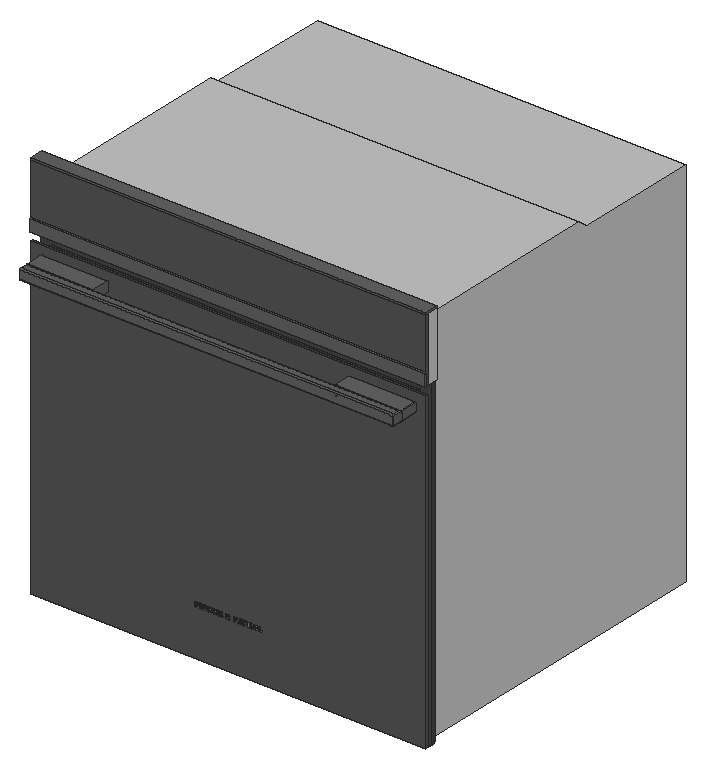
Revit family "FP_Revit_18_OB60SDPTB1_Oven_90000943A", category Specialty Equipment, Revit 2018
Family settings
  Round Connector Dimension = Use Diameter
  Part Type = Normal
  OmniClass Number = 23.40.40.14.17.11
  OmniClass Title = Cookers, Ovens, Stoves
  Work Plane-Based = No
  Always vertical = Yes
  Cut with Voids When Loaded = Yes
  Shared = No
  Room Calculation Point = No
Parameters
  Visibility - Clearance Required = yes
  URL = "www.fisherpaykel.com"
  Product - Width = 596 mm  # constant formula
  Product - Height = 598 mm  # constant formula
  Product - Depth = 565 mm  # constant formula
  Model = "OB60SDPTB1"
  Material - Trim = Fisher & Paykel - Aluminium, Dark
  Material - Structure = Fisher & Paykel - Black
  Material - Handle = Fisher & Paykel - Aluminium, Dark
  Material - Glass = Fisher & Paykel - Glass, Black
  Material - Buttons and Dials = Fisher & Paykel - Black
  Material - Body = Fisher & Paykel - Grey
  Manufacturer = "Fisher & Paykel Appliances"
  FFL Offset [instance] = 200 mm
  Description = "60cm Built-In Oven"
  Connector Note - Electrical = "230 V, 18.5 A"
  Chassis - Width = 556 mm  # constant formula
  Chassis - Height = 575 mm  # constant formula
  Chassis - Depth = 545 mm  # constant formula
  Cavity - Width = 600 mm  # constant formula
  Cavity - Height = 600 mm  # constant formula
  Cavity - Depth = 550 mm  # constant formula
Reference planes
  plane 1 "Datum": y = 0
  plane 2: z = 0
  plane 3 "Center (Left/Right)": x = 0
  plane 4 "Cavity": z = 780
  plane 5 "Product Height": z = 798
  plane 6 "Product LHS": x = -298
  plane 7 "Product RHS": x = 298
  plane 8 "Cavity LHS": x = -300
  plane 9 "Cavity RHS": x = 300
  plane 10 "Cavity - Depth": y = 550
  plane 11 "Product Depth": y = 545
  plane 12 "Front Face": y = -20
  plane 13 "Dial": x = 154.861
  plane 14 "FFL Offset": z = 200
  plane 15 "Cavity Height": z = 800
Forms (mm)
  Extrusion 1, solid, material "Fisher & Paykel - Grey" <- "Material - Body"
    sketch origin (0, 0, 0) x (0, 1, 0) y (0, 0, 1)
      loop
        line (0, 200) -> (525, 200) -> (525, 393.99) -> (545, 413.99) -> (545, 609.73) -> (495, 659.73) -> (495, 764.6) -> (307.721, 764.6) -> (293.958, 775) -> (0, 775) -> (0, 200)
    from -278 to 278
  Extrusion 2, void
    sketch origin (0, 0, 0) x (1, 0, 0) y (0, 1, 0)
      loop
        line (-278, 495) -> (-229.13, 495) -> (-179.13, 545) -> (-278, 545) -> (-278, 495)
      loop
        line (278, 495) -> (278, 545) -> (94.617, 545) -> (114.617, 525) -> (199.13, 525) -> (229.13, 495) -> (278, 495)
    from 200 to 764.6
  Extrusion 3, solid, material "Fisher & Paykel - Aluminium, Dark" <- "Material - Trim"
    sketch origin (0, 0, 0) x (0, 1, 0) y (0, 0, 1)
      loop
        line (0, 798) -> (-20.5, 798) -> (-20.5, 795.1) -> (0, 795.1) -> (0, 798)
    from -298 to 298
  Extrusion 4, solid, material "Fisher & Paykel - Grey" <- "Material - Body"
    sketch origin (0, 0, 0) x (0, 1, 0) y (0, 0, 1)
      loop
        line (-16, 795.1) -> (-16, 698) -> (0, 698) -> (0, 795.1) -> (-16, 795.1)
    from -298 to 298
  Extrusion 5, solid, material "Fisher & Paykel - Glass, Black" <- "Material - Glass"
    sketch origin (0, 0, 0) x (1, 0, 0) y (0, 0, 1)
      loop
        line (-298, 685.2) -> (-298, 208.6) -> (298, 208.6) -> (298, 685.2) -> (-298, 685.2)
      loop
        line (-298, 698) -> (298, 698) -> (298, 794.5) -> (-298, 794.5) -> (-298, 698)
    from 16 to 20
  Extrusion 6, solid, material "Fisher & Paykel - Black" <- "Material - Structure"
    sketch origin (0, 0, 0) x (0, 1, 0) y (0, 0, 1)
      loop
        line (-13.8, 683.7) -> (-16, 683.7) -> (-16, 224.7) -> (-5, 224.7) -> (-5, 680.497) -> (-13.8, 683.7)
    from -277 to 277
  Extrusion 7, solid, material "Fisher & Paykel - Black" <- "Material - Structure"
    sketch origin (0, 0, 0) x (1, 0, 0) y (0, 0, 1)
      loop
        line (-295, 698) -> (-295, 209.536)
        arc (-295, 209.536) -> (-292.207, 202.793) -> (-285.464, 200) r 9.536
        line (-285.464, 200) -> (285.5, 200)
        arc (285.5, 200) -> (292.218, 202.782) -> (295, 209.5) r 9.5
        line (295, 209.5) -> (295, 698) -> (-295, 698)
    from 0 to 5
  Sweep 8, solid, material "Fisher & Paykel - Black"
    path origin (-195.035, 0, 0) x (0, 1, 0) y (0, 0, 1)
      loop
        line (478.272, 708.8) -> (498.6, 708.8)
        arc (498.6, 708.8) -> (507.085, 705.285) -> (510.6, 696.8) r 12
        line (510.6, 696.8) -> (510.6, 678.8)
    profile origin (-195.035, 488.436, 708.8) x (0, 0, 1) y (1, 0, 0)
      loop
        line (0, 11) -> (-11, 11) -> (-11, -11) -> (0, -11)
        arc (0, -11) -> (11, 0) -> (0, 11) r 11
  Extrusion 9, solid, material "Fisher & Paykel - Clearance Required", visible <- "Visibility - Clearance Required", detail levels coarse
    sketch origin (0, 0, 0) x (0, 1, 0) y (0, 0, 1)
      loop
        line (-21.6, 227.528) -> (-21.6, 200) -> (0, 200) -> (0, 800) -> (-21.6, 800) -> (-21.6, 685.18)
        arc (-21.6, 685.18) -> (-333.147, 559.899) -> (-479.9, 257.872) r 466.605
        line (-479.9, 257.872) -> (-465.169, 256.897) -> (-467.944, 214.989) -> (-455.498, 214.164) -> (-452.723, 256.073) -> (-21.6, 227.528)
    from -300 to 300
  Extrusion 10, solid, material "Fisher & Paykel - Clearance Required", visible <- "Visibility - Clearance Required", detail levels coarse
    sketch origin (0, 0, 0) x (1, 0, 0) y (0, 1, 0)
      loop
        line (-280, 0) -> (280, 0) -> (280, 550) -> (-280, 550) -> (-280, 0)
    from 200 to 780
  Extrusion 11, void
    sketch origin (0, 0, 0) x (1, 0, 0) y (0, 1, 0)
      loop
        line (-300, -21.6) -> (300, -21.6) -> (300, 0) -> (-300, 0) -> (-300, -21.6)
    from 200 to 800
  Extrusion 12, solid, material "Fisher & Paykel - Aluminium, Dark" <- "Material - Trim", detail levels fine
    sketch origin (0, 0, 0) x (0, 1, 0) y (0, 0, 1)
      loop
        line (-21.7, 715.525) -> (-21.7, 698) -> (-20, 698) -> (-20, 717.528) -> (-21.7, 715.525)
    from -298 to 298
  Extrusion 13, void
    sketch origin (0, 0, 0) x (1, 0, 0) y (0, 1, 0)
      loop
        line (-280, 550) -> (-280, 0) -> (280, 0) -> (280, 550) -> (-280, 550)
    from 200 to 780
Cuts and joins
  Extrusion 2 cuts Extrusion 1
Lines and regions (mm)
  model lines, style "Fisher & Paykel"
    curve 1: line (217.5, -20, 334.2) -> (-217.5, -20, 334.2)
    curve 2: line (217.5, -20, 617.436) -> (217.5, -20, 334.2)
    curve 3: line (-217.5, -20, 617.436) -> (217.5, -20, 617.436)
    curve 4: line (-217.5, -20, 334.2) -> (-217.5, -20, 617.436)
Text (mm)
  text "Disclaimer:\nWe endeavor to maintain the accuracy of our 3D content.\nHowever, product details are subject to change without notice.\nPlease refer to the product Data Sheets for the most current product information." at (41.04, -568.295, 0), in view "Ref. Level (Plan)"
Dimensions and locks
  equal spacing: plane 6 "Product LHS", plane 3 "Center (Left/Right)", plane 7 "Product RHS"
  "Product - Width": plane 6 "Product LHS" to plane 7 "Product RHS"
  equal spacing: plane 8 "Cavity LHS", plane 3 "Center (Left/Right)", plane 9 "Cavity RHS"
  "Cavity - Width": plane 8 "Cavity LHS" to plane 9 "Cavity RHS"
  "Cavity - Depth": plane 10 "Cavity - Depth" to plane 1 "Datum"
  "Chassis - Depth": plane 11 "Product Depth" to plane 1 "Datum"
  plane 12 "Front Face" to plane 1 "Datum" = 20 mm
  "Product - Depth": plane 11 "Product Depth" to plane 12 "Front Face"
  "Chassis - Width": cut or joined group of Extrusion 1, Extrusion 2 to cut or joined group of Extrusion 1, Extrusion 2
  "FFL Offset": plane 14 "FFL Offset" to level
  "Product - Height": plane 5 "Product Height" to plane 14 "FFL Offset"
  "Cavity - Height": Extrusion 9 to plane 14 "FFL Offset"
  locked: plane 5 "Product Height" to nested 2 at 125.765
  locked: plane 4 "Cavity" to plane 14 "FFL Offset" at 580
  locked: nested 1 to plane 14 "FFL Offset" at 78.956
  locked: Extrusion 5 to plane 14 "FFL Offset" at 8.6
  locked: Extrusion 6 to plane 14 "FFL Offset" at 24.7
  "Cavity - Height": plane 15 "Cavity Height" to plane 14 "FFL Offset"
  locked: cut or joined group of Extrusion 1, Extrusion 2 to plane 14 "FFL Offset" at 564.6
  locked: curve 1 to plane 14 "FFL Offset" at 134.2
  locked: curve 3 to plane 14 "FFL Offset" at 417.436
  aligned and locked: level to plane 2
  aligned and locked: plane 8 "Cavity LHS" to Extrusion 9
  aligned and locked: Extrusion 9 to plane 9 "Cavity RHS"
  aligned and locked: Extrusion 1 sketch curve to plane 14 "FFL Offset"
  aligned and locked: Extrusion 1 to Extrusion 2
  aligned and locked: Extrusion 2 to Extrusion 1
  aligned and locked: plane 14 "FFL Offset" to Extrusion 9 sketch curve
  aligned and locked: plane 14 "FFL Offset" to Extrusion 7 sketch curve
  aligned and locked: Extrusion 13 to cut or joined group of Extrusion 1, Extrusion 2
  aligned and locked: plane 4 "Cavity" to Extrusion 13
  aligned and locked: plane 4 "Cavity" to Extrusion 10
  aligned and locked: Extrusion 10 to cut or joined group of Extrusion 1, Extrusion 2
  aligned and locked: Extrusion 11 to cut or joined group of Extrusion 1, Extrusion 2
  aligned and locked: Extrusion 11 to Extrusion 9
  aligned and locked: plane 15 "Cavity Height" to Extrusion 11
Automatic sketch dimensions
  Extrusion 2 sketch curve to plane 11 "Product Depth" = 0 mm  (x2)
  Extrusion 2 sketch curve to plane 6 "Product LHS" = 20 mm
  Extrusion 2 sketch curve to Extrusion 2 sketch curve = 48.87 mm
  Extrusion 2 sketch curve to Extrusion 2 sketch curve = 50 mm  (x3)
  plane 3 "Center (Left/Right)" to Extrusion 2 sketch curve = 94.617 mm
  Extrusion 2 sketch curve to Extrusion 2 sketch curve = 20 mm
  Extrusion 2 sketch curve to plane 11 "Product Depth" = 20 mm
  Extrusion 2 sketch curve to Extrusion 2 sketch curve = 84.513 mm
  Extrusion 2 sketch curve to Extrusion 2 sketch curve = 30 mm
  plane 7 "Product RHS" to Extrusion 2 sketch curve = 20 mm
  Extrusion 3 sketch curve to plane 1 "Datum" = 0 mm
  Extrusion 3 sketch curve to plane 12 "Front Face" = 0.5 mm
  Extrusion 3 sketch curve to plane 5 "Product Height" = 2.9 mm
  plane 5 "Product Height" to Extrusion 3 sketch curve = 0 mm
  Extrusion 4 sketch curve to plane 1 "Datum" = 0 mm
  plane 12 "Front Face" to Extrusion 4 sketch curve = 4 mm
  Extrusion 4 sketch curve to plane 4 "Cavity" = 82 mm
  Extrusion 4 sketch curve to plane 5 "Product Height" = 2.9 mm
  plane 6 "Product LHS" to Extrusion 5 sketch curve = 0 mm  (x2)
  plane 7 "Product RHS" to Extrusion 5 sketch curve = 0 mm  (x2)
  level to Extrusion 5 sketch curve = 208.6 mm
  Extrusion 5 sketch curve to plane 4 "Cavity" = 94.8 mm
  Extrusion 5 sketch curve to Extrusion 5 sketch curve = 12.8 mm
  Extrusion 5 sketch curve to plane 5 "Product Height" = 3.5 mm
  plane 12 "Front Face" to Extrusion 6 sketch curve = 4 mm
  Extrusion 6 sketch curve to Extrusion 6 sketch curve = 2.2 mm
  plane 1 "Datum" to Extrusion 6 sketch curve = 5 mm
  level to Extrusion 6 sketch curve = 224.7 mm
  Extrusion 6 sketch curve to plane 4 "Cavity" = 99.503 mm
  Extrusion 6 sketch curve to Extrusion 6 sketch curve = 3.203 mm
  plane 7 "Product RHS" to curve 2 = 80.5 mm
  curve 4 to plane 6 "Product LHS" = 80.5 mm
  Sweep 8 sketch curve to plane 11 "Product Depth" = 46.4 mm
  Sweep 8 sketch curve to Sweep 8 sketch curve = 12 mm
  Sweep 8 sketch curve to plane 4 "Cavity" = 83.2 mm
  Sweep 8 sketch curve to Sweep 8 sketch curve = 20.328 mm
  Sweep 8 sketch curve to Sweep 8 sketch curve = 18 mm
  Sweep 8 sketch curve to profile plane = 0 mm  (x2)
  Sweep 8 sketch curve to Sweep 8 sketch curve = 11 mm
  Sweep 8 sketch curve to profile plane = 11 mm
  Extrusion 10 sketch curve to plane 10 "Cavity - Depth" = 0 mm
  plane 1 "Datum" to Extrusion 10 sketch curve = 0 mm
  Extrusion 10 sketch curve to plane 6 "Product LHS" = 18 mm
  plane 7 "Product RHS" to Extrusion 10 sketch curve = 18 mm
  plane 1 "Datum" to Extrusion 11 sketch curve = 0 mm
  Extrusion 11 sketch curve to plane 8 "Cavity LHS" = 0 mm
  Extrusion 11 sketch curve to plane 9 "Cavity RHS" = 0 mm
  Extrusion 11 sketch curve to plane 12 "Front Face" = 1.6 mm
  Extrusion 12 sketch curve to plane 12 "Front Face" = 0 mm
  Extrusion 12 sketch curve to Extrusion 12 sketch curve = 1.7 mm
  Extrusion 12 sketch curve to plane 4 "Cavity" = 82 mm
  Extrusion 12 sketch curve to Extrusion 12 sketch curve = 17.525 mm
  Extrusion 12 sketch curve to Extrusion 12 sketch curve = 2.002 mm
  plane 1 "Datum" to Extrusion 13 sketch curve = 0 mm
  Extrusion 13 sketch curve to plane 10 "Cavity - Depth" = 0 mm
  Extrusion 13 sketch curve to plane 6 "Product LHS" = 18 mm
  plane 7 "Product RHS" to Extrusion 13 sketch curve = 18 mm
  Extrusion 1 sketch curve to plane 1 "Datum" = 0 mm
  Extrusion 1 sketch curve to plane 11 "Product Depth" = 0 mm
  Extrusion 1 sketch curve to plane 4 "Cavity" = 5 mm
  Extrusion 1 sketch curve to plane 11 "Product Depth" = 251.042 mm
  Extrusion 1 sketch curve to Extrusion 1 sketch curve = 13.762 mm
  Extrusion 1 sketch curve to plane 4 "Cavity" = 15.4 mm
  Extrusion 1 sketch curve to plane 11 "Product Depth" = 50 mm
  Extrusion 1 sketch curve to plane 11 "Product Depth" = 20 mm
  plane 14 "FFL Offset" to Extrusion 1 sketch curve = 193.99 mm
  Extrusion 1 sketch curve to Extrusion 1 sketch curve = 20 mm
  Extrusion 1 sketch curve to Extrusion 1 sketch curve = 154.87 mm
  Extrusion 1 sketch curve to Extrusion 1 sketch curve = 50 mm
  Extrusion 9 sketch curve to plane 1 "Datum" = 0 mm
  plane 12 "Front Face" to Extrusion 9 sketch curve = 5.051 mm
  Extrusion 9 sketch curve to plane 12 "Front Face" = 1.6 mm  (x2)
  plane 14 "FFL Offset" to Extrusion 9 sketch curve = 56.073 mm
  Extrusion 9 sketch curve to Extrusion 9 sketch curve = 431.123 mm
  plane 14 "FFL Offset" to Extrusion 9 sketch curve = 14.164 mm
  Extrusion 9 sketch curve to Extrusion 9 sketch curve = 2.775 mm
  plane 14 "FFL Offset" to Extrusion 9 sketch curve = 56.897 mm
  Extrusion 9 sketch curve to Extrusion 9 sketch curve = 12.446 mm
  plane 14 "FFL Offset" to Extrusion 9 sketch curve = 57.872 mm
  Extrusion 9 sketch curve to Extrusion 9 sketch curve = 8.905 mm
  plane 5 "Product Height" to Extrusion 9 sketch curve = 2 mm
  Extrusion 7 sketch curve to plane 6 "Product LHS" = 3 mm
  plane 14 "FFL Offset" to Extrusion 7 sketch curve = 9.536 mm
  plane 7 "Product RHS" to Extrusion 7 sketch curve = 12.5 mm
  plane 7 "Product RHS" to Extrusion 7 sketch curve = 3 mm
  Extrusion 7 sketch curve to plane 4 "Cavity" = 82 mm
Nested families
  nested 1: "F&P Logo 100mm" at (0, -20, 278.956), type "Grey", detail levels fine
  nested 2: "F&P Handle Contemporary Square OB60-24" at (0, -20, 664.257), type "Aluminium Dark"
Connectors
  electrical at (-195.035, 505.1, 678.8), driven by "Connector Note - Electrical"
    settings: on Sweep 8, index 1, voltage 230 V, apparent load 0 VA, apparent load phase1 0 VA, apparent load phase2 0 VA, apparent load phase3 0 VA, power factor 1, load classification "Other", number of poles 1, system type 30, power factor state 1, is connector primary yes, connector utility no, sub classification motor no, connector description "230 V, 18.5 A"
Definition of nested family "F&P Logo 100mm"
  Parameters (values of type "Chrome")
    URL = "www.fisherpaykel.com"
    Material - Logo = none
    Manufacturer = "Fisher & Paykel Appliances"
  Types (3): name
    (no name)
    Chrome
    Grey
  Reference planes
    plane 1 "Center (Front/Back)": y = 0
    plane 2: z = 0
    plane 3 "Center (Left/Right)": x = 0
  Forms (mm)
    Extrusion 1, solid, material <- "Material - Logo", detail levels fine
      sketch origin (0, 0, 0) x (1, 0, 0) y (0, 0, 1)
        loop
          line (-50.044, 0) -> (-48.47, 0) -> (-48.47, 2.138) -> (-46.011, 2.138) -> (-46.011, 3.472) -> (-48.47, 3.472) -> (-48.47, 4.712) -> (-45.795, 4.712) -> (-45.795, 6.04) -> (-50.044, 6.04) -> (-50.044, 0)
        loop
          line (-42.804, 6.04) -> (-42.804, 0) -> (-41.23, 0) -> (-41.23, 6.04) -> (-42.804, 6.04)
        loop
          line (-30.724, 6.04) -> (-30.724, 0) -> (-29.151, 0) -> (-29.151, 2.42) -> (-26.839, 2.42) -> (-26.839, 0) -> (-25.265, 0) -> (-25.265, 6.04) -> (-26.839, 6.04) -> (-26.839, 3.748) -> (-29.151, 3.748) -> (-29.151, 6.04) -> (-30.724, 6.04)
        loop
          line (-21.906, 6.04) -> (-21.906, 0) -> (-17.602, 0) -> (-17.602, 1.328) -> (-20.347, 1.328) -> (-20.347, 2.42) -> (-17.838, 2.42) -> (-17.838, 3.748) -> (-20.347, 3.748) -> (-20.347, 4.712) -> (-17.602, 4.712) -> (-17.602, 6.04) -> (-21.906, 6.04)
        loop
          line (45.667, 6.04) -> (45.667, 0) -> (49.956, 0) -> (49.956, 1.328) -> (47.241, 1.328) -> (47.241, 6.04) -> (45.667, 6.04)
        loop
          line (42.431, 6.04) -> (38.112, 6.04) -> (38.112, 0) -> (42.431, 0) -> (42.431, 1.328) -> (39.687, 1.328) -> (39.687, 2.42) -> (42.195, 2.42) -> (42.195, 3.748) -> (39.687, 3.748) -> (39.687, 4.712) -> (42.431, 4.712) -> (42.431, 6.04)
        loop
          line (33.451, 3.148) -> (35.683, 6.04) -> (33.844, 6.04) -> (31.915, 3.542) -> (31.915, 6.04) -> (30.342, 6.04) -> (30.342, 0) -> (31.915, 0) -> (31.915, 2.705) -> (33.903, 0) -> (35.763, 0) -> (33.451, 3.148)
        loop
          line (21.98, 6.04) -> (24.262, 2.42) -> (24.262, 0) -> (25.837, 0) -> (25.837, 2.341) -> (28.119, 6.04) -> (26.446, 6.04) -> (25.099, 3.707) -> (23.753, 6.04) -> (21.98, 6.04)
        loop
          line (18.479, 6.04) -> (16.983, 6.04) -> (14.524, 0) -> (16.069, 0) -> (16.501, 1.112) -> (18.921, 1.112) -> (19.354, 0) -> (20.938, 0) -> (18.479, 6.04)
        loop
          line (18.4, 2.439) -> (17.693, 4.174) -> (17.018, 2.439) -> (18.4, 2.439)
        loop
          line (8.031, 6.04) -> (8.031, 0) -> (9.605, 0) -> (9.605, 1.938) -> (10.599, 1.938)
          arc (10.599, 1.938) -> (12.65, 3.989) -> (10.599, 6.04) r 2.051
          line (10.599, 6.04) -> (8.031, 6.04)
        loop
          line (9.605, 4.712) -> (9.605, 3.197) -> (10.501, 3.197)
          arc (10.501, 3.197) -> (11.259, 3.954) -> (10.501, 4.712) r 0.757
          line (10.501, 4.712) -> (9.605, 4.712)
        loop
          line (-11.783, 6.04) -> (-14.366, 6.04) -> (-14.366, 0) -> (-12.792, 0) -> (-12.792, 1.336) -> (-11.992, 1.336) -> (-10.972, 0) -> (-9.153, 0) -> (-10.694, 1.973)
          arc (-10.694, 1.973) -> (-9.678, 4.424) -> (-11.783, 6.04) r 2.179
        loop
          line (-11.897, 4.712) -> (-12.792, 4.712) -> (-12.792, 3.053) -> (-11.897, 3.053)
          arc (-11.897, 3.053) -> (-11.068, 3.882) -> (-11.897, 4.712) r 0.83
        loop
          line (0.477, 4.712) -> (0.477, 6.153) -> (-3.575, 6.153) -> (-3.575, 4.851) -> (-2.974, 4.112)
          arc (-2.974, 4.112) -> (-3.51, 0.684) -> (-0.045, 0.512) r 2.334
          line (-0.045, 0.512) -> (0.46, -0.109) -> (2.246, -0.109) -> (0.86, 1.594) -> (2.061, 3.324) -> (0.443, 3.324) -> (-0.013, 2.667) -> (-1.677, 4.712) -> (0.477, 4.712)
        loop
          arc (-2.125, 3.068) -> (-2.269, 1.668) -> (-0.868, 1.524) r 0.996
          line (-0.868, 1.524) -> (-2.125, 3.068)
        loop
          line (-35.18, 3.634) -> (-36.516, 3.91)
          arc (-36.516, 3.91) -> (-37.049, 4.443) -> (-36.516, 4.976) r 0.533
          arc (-36.516, 4.976) -> (-35.235, 4.79) -> (-34.059, 4.248) r 4.505
          line (-34.059, 4.248) -> (-34.059, 5.743)
          arc (-34.059, 5.743) -> (-35.549, 6.179) -> (-37.1, 6.109) r 4.726
          arc (-37.1, 6.109) -> (-38.536, 4.335) -> (-37.1, 2.561) r 1.814
          line (-37.1, 2.561) -> (-35.754, 2.282)
          arc (-35.754, 2.282) -> (-35.221, 1.749) -> (-35.754, 1.216) r 0.533
          arc (-35.754, 1.216) -> (-37.035, 1.402) -> (-38.211, 1.945) r 4.505
          line (-38.211, 1.945) -> (-38.211, 0.449)
          arc (-38.211, 0.449) -> (-36.72, 0.013) -> (-35.169, 0.083) r 4.726
          arc (-35.169, 0.083) -> (-33.734, 1.863) -> (-35.18, 3.634) r 1.814
      from 0 to 0.8
  Dimensions and locks
    aligned and locked: level to plane 2
Definition of nested family "F&P Handle Contemporary Square OB60-24"
  Parameters (values of type "Aluminium Dark")
    URL = "www.fisherpaykel.com"
    Material - Handle = none
    Manufacturer = "Fisher & Paykel Appliances"
    Handle - Length = 565 mm
  Types (2): name
    Aluminium
    Aluminium Dark
  Reference planes
    plane 1 "Center (Front/Back)": y = 0
    plane 2: z = 0
    plane 3 "Center (Left/Right)": x = 0
    plane 4 "Product LHS": x = -282.5
    plane 5 "Product RHS": x = 282.5
    plane 6 "LHS Standoff": x = -182.495
    plane 7 "RHS Standoff": x = 182.505
  Forms (mm)
    Extrusion 1, solid, material <- "Material - Handle", detail levels fine
      sketch origin (0, 0, 0) x (0, 1, 0) y (0, 0, 1)
        loop
          arc (-28.701, 7.561) -> (-29.057, 7.868) -> (-29.514, 7.978) r 1
          line (-29.514, 7.978) -> (-40.5, 7.978)
          arc (-40.5, 7.978) -> (-41.561, 7.539) -> (-42, 6.478) r 1.5
          line (-42, 6.478) -> (-42, -6.522)
          arc (-42, -6.522) -> (-41.561, -7.583) -> (-40.5, -8.022) r 1.5
          line (-40.5, -8.022) -> (-29.487, -8.022)
          arc (-29.487, -8.022) -> (-29.029, -7.911) -> (-28.673, -7.602) r 1
          arc (-28.673, -7.602) -> (-26.256, -0.016) -> (-28.701, 7.561) r 13.038
      from -282.5 to 282.5
    Extrusion 2, solid, material <- "Material - Handle", detail levels fine
      sketch origin (0, 0, 0) x (0, 1, 0) y (0, 0, 1)
        loop
          arc (-28.23, 7.062) -> (-26.156, 0.008) -> (-28.198, -7.056) r 13.136
          arc (-28.198, -7.056) -> (-28.21, -7.463) -> (-27.86, -7.67) r 0.4
          line (-27.86, -7.67) -> (0, -7.67) -> (0, 7.678) -> (-27.893, 7.678)
          arc (-27.893, 7.678) -> (-28.244, 7.47) -> (-28.23, 7.062) r 0.4
      from 182.505 to 282.5
    Extrusion 3, solid, material <- "Material - Handle", detail levels fine
      sketch origin (0, 0, 0) x (0, 1, 0) y (0, 0, -1)
        loop
          arc (-28.23, -7.062) -> (-28.244, -7.47) -> (-27.893, -7.678) r 0.4
          line (-27.893, -7.678) -> (0, -7.678) -> (0, 7.67) -> (-27.86, 7.67)
          arc (-27.86, 7.67) -> (-28.21, 7.463) -> (-28.198, 7.056) r 0.4
          arc (-28.198, 7.056) -> (-26.156, -0.008) -> (-28.23, -7.062) r 13.136
      from 182.495 to 282.5
    Sweep 4, void
      path in 3D
        loop
          line (282.5, -29.514, 7.978) -> (282.5, -40.5, 7.978)
          arc (282.5, -40.5, 7.978) -> (282.5, -41.561, 7.539) -> (282.5, -42, 6.478) r 1.5
          line (282.5, -42, 6.478) -> (282.5, -42, -6.522)
          arc (282.5, -42, -6.522) -> (282.5, -41.561, -7.583) -> (282.5, -40.5, -8.022) r 1.5
          line (282.5, -40.5, -8.022) -> (282.5, -29.487, -8.022)
      profile origin (282.5, -35.007, 7.978) x (1, 0, 0) y (0, 0, 1)
        loop
          line (0, 0) -> (-1.3, 0) -> (0, -1.3) -> (0, 0)
    Sweep 5, void
      path in 3D
        loop
          line (-282.5, -29.487, -8.022) -> (-282.5, -40.5, -8.022)
          arc (-282.5, -40.5, -8.022) -> (-282.5, -41.561, -7.583) -> (-282.5, -42, -6.522) r 1.5
          line (-282.5, -42, -6.522) -> (-282.5, -42, 6.478)
          arc (-282.5, -42, 6.478) -> (-282.5, -41.561, 7.539) -> (-282.5, -40.5, 7.978) r 1.5
          line (-282.5, -40.5, 7.978) -> (-282.5, -29.514, 7.978)
      profile origin (-282.5, -35.007, 7.978) x (-1, 0, 0) y (0, 0, 1)
        loop
          line (0, 0) -> (-1.3, 0) -> (0, -1.3) -> (0, 0)
    Extrusion 6, void
      sketch origin (0, 0, 0) x (1, 0, 0) y (0, 0, 1)
        loop
          line (282.5, 7.978) -> (281.2, 7.978) -> (282.5, 6.678) -> (282.5, 7.978)
        loop
          line (282.5, -8.022) -> (282.5, -6.722) -> (281.2, -8.022) -> (282.5, -8.022)
      from 0 to 40
    Extrusion 7, void
      sketch origin (0, 0, 0) x (1, 0, 0) y (0, 0, 1)
        loop
          line (-282.5, 7.978) -> (-282.5, 6.678) -> (-281.2, 7.978) -> (-282.5, 7.978)
        loop
          line (-282.5, -8.022) -> (-281.2, -8.022) -> (-282.5, -6.722) -> (-282.5, -8.022)
      from 0 to 40
    Extrusion 8, solid, material <- "Material - Handle", detail levels coarse+medium
      sketch origin (0, 0, 0) x (1, 0, 0) y (0, 1, 0)
        loop
          line (-282.5, -42) -> (282.5, -42) -> (282.5, 0) -> (182.505, 0) -> (182.505, -26.156) -> (-182.495, -26.156) -> (-182.495, 0) -> (-282.5, 0) -> (-282.5, -42)
      from -8.022 to 7.978
  Cuts and joins
    Sweep 4, Sweep 5, Extrusion 6, Extrusion 7 cuts Extrusion 1
    Extrusion 6 cuts Extrusion 2
    Extrusion 7 cuts Extrusion 3
  Lines and regions (mm)
    sketch lines
      curve 1: line (282.5, -29.514, 7.978) -> (282.5, -40.5, 7.978)
      curve 2: arc (282.5, -42, 6.478) -> (282.5, -41.561, 7.539) -> (282.5, -40.5, 7.978) r 1.5
      curve 3: line (282.5, -42, 6.478) -> (282.5, -42, -6.522)
      curve 4: arc (282.5, -40.5, -8.022) -> (282.5, -41.561, -7.583) -> (282.5, -42, -6.522) r 1.5
      curve 5: line (282.5, -40.5, -8.022) -> (282.5, -29.487, -8.022)
      curve 6: line (-282.5, -40.5, 7.978) -> (-282.5, -29.514, 7.978)
      curve 7: arc (-282.5, -40.5, 7.978) -> (-282.5, -41.561, 7.539) -> (-282.5, -42, 6.478) r 1.5
      curve 8: line (-282.5, -42, -6.522) -> (-282.5, -42, 6.478)
      curve 9: arc (-282.5, -42, -6.522) -> (-282.5, -41.561, -7.583) -> (-282.5, -40.5, -8.022) r 1.5
      curve 10: line (-282.5, -29.487, -8.022) -> (-282.5, -40.5, -8.022)
  Dimensions and locks
    equal spacing: plane 4 "Product LHS", plane 3 "Center (Left/Right)", plane 5 "Product RHS"
    "Handle - Length": plane 4 "Product LHS" to plane 5 "Product RHS"
    locked: plane 4 "Product LHS" to plane 6 "LHS Standoff" at 100.005
    locked: plane 7 "RHS Standoff" to plane 5 "Product RHS" at 99.995
    aligned and locked: level to plane 2
    aligned and locked: Extrusion 1 to plane 5 "Product RHS"
    aligned and locked: plane 4 "Product LHS" to Extrusion 1
    aligned and locked: Extrusion 2 to plane 5 "Product RHS"
    aligned and locked: plane 4 "Product LHS" to Extrusion 3
    aligned and locked: plane 4 "Product LHS" to Extrusion 8 sketch curve
    aligned and locked: Extrusion 8 sketch curve to plane 5 "Product RHS"
    aligned and locked: Extrusion 8 sketch curve to plane 7 "RHS Standoff"
    aligned and locked: plane 6 "LHS Standoff" to Extrusion 8 sketch curve
    aligned and locked: Extrusion 2 to plane 7 "RHS Standoff"
    aligned and locked: plane 6 "LHS Standoff" to Extrusion 3
  Automatic sketch dimensions
    Extrusion 1 sketch curve to level = 6.522 mm
    plane 1 "Center (Front/Back)" to Extrusion 1 sketch curve = 42 mm
    Extrusion 1 sketch curve to Extrusion 1 sketch curve = 1.5 mm  (x2)
    Extrusion 1 sketch curve to level = 0.04 mm
    Extrusion 1 sketch curve to Extrusion 1 sketch curve = 1.206 mm
    level to Extrusion 1 sketch curve = 6.978 mm
    Extrusion 1 sketch curve to Extrusion 1 sketch curve = 10.986 mm
    Extrusion 1 sketch curve to Extrusion 1 sketch curve = 11.013 mm
    Extrusion 1 sketch curve to Extrusion 1 sketch curve = 1 mm
    level to Extrusion 1 sketch curve = 6.478 mm
    Extrusion 1 sketch curve to Extrusion 1 sketch curve = 0 mm
    Extrusion 2 sketch curve to plane 1 "Center (Front/Back)" = 0 mm
    Extrusion 2 sketch curve to level = 7.67 mm
    Extrusion 2 sketch curve to Extrusion 2 sketch curve = 27.86 mm
    level to Extrusion 2 sketch curve = 7.678 mm
    Extrusion 2 sketch curve to Extrusion 2 sketch curve = 0.033 mm
    Extrusion 2 sketch curve to level = 0.022 mm
    Extrusion 2 sketch curve to Extrusion 2 sketch curve = 11.398 mm
    Extrusion 2 sketch curve to Extrusion 2 sketch curve = 0.4 mm  (x2)
    Extrusion 2 sketch curve to Extrusion 2 sketch curve = 0 mm
    Extrusion 3 sketch curve to plane 1 "Center (Front/Back)" = 0 mm
    Extrusion 3 sketch curve to level = 7.67 mm
    Extrusion 3 sketch curve to Extrusion 3 sketch curve = 27.86 mm
    level to Extrusion 3 sketch curve = 7.678 mm
    Extrusion 3 sketch curve to Extrusion 3 sketch curve = 0.033 mm
    Extrusion 3 sketch curve to level = 0.022 mm
    Extrusion 3 sketch curve to Extrusion 3 sketch curve = 11.398 mm
    Extrusion 3 sketch curve to Extrusion 3 sketch curve = 0.4 mm  (x2)
    Extrusion 3 sketch curve to Extrusion 3 sketch curve = 0 mm
    profile plane to Sweep 4 sketch curve = 0 mm
    Sweep 4 sketch curve to profile plane = 0 mm
    Sweep 4 sketch curve to profile plane = 1.3 mm
    profile plane to Sweep 4 sketch curve = 1.3 mm
    Sweep 5 sketch curve to profile plane = 0 mm  (x2)
    profile plane to Sweep 5 sketch curve = 1.3 mm
    Sweep 5 sketch curve to profile plane = 1.3 mm
    plane 5 "Product RHS" to Extrusion 6 sketch curve = 0 mm  (x2)
    Extrusion 6 sketch curve to Extrusion 6 sketch curve = 1.3 mm  (x4)
    Extrusion 6 sketch curve to level = 6.722 mm
    level to Extrusion 6 sketch curve = 6.678 mm
    plane 4 "Product LHS" to Extrusion 7 sketch curve = 0 mm  (x2)
    Extrusion 7 sketch curve to plane 4 "Product LHS" = 1.3 mm  (x2)
    Extrusion 7 sketch curve to level = 8.022 mm
    level to Extrusion 7 sketch curve = 6.678 mm
    Extrusion 7 sketch curve to Extrusion 7 sketch curve = 1.3 mm  (x2)
    plane 1 "Center (Front/Back)" to Extrusion 8 sketch curve = 0 mm  (x2)
    Extrusion 8 sketch curve to Extrusion 8 sketch curve = 26.156 mm
    Extrusion 8 sketch curve to Extrusion 8 sketch curve = 42 mm
